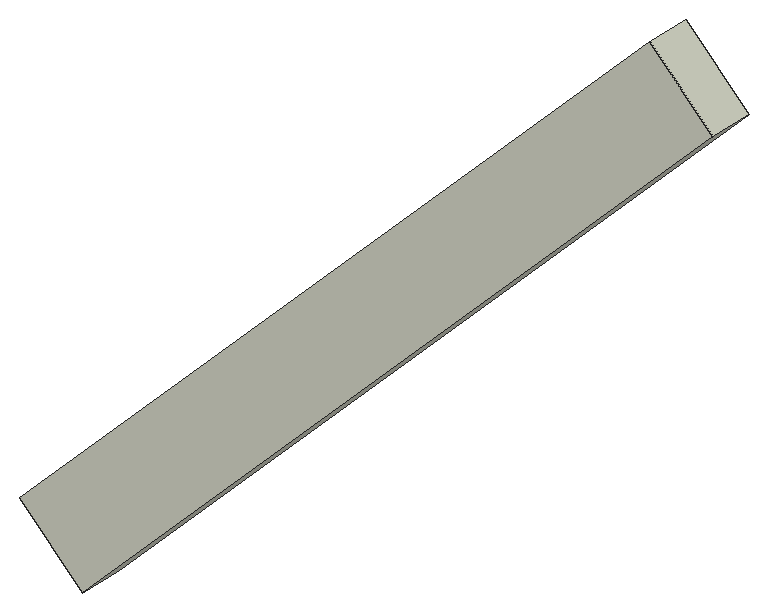
Revit family "グレーチング_溝形鋼", category Generic Models, Revit 2023
Family settings
  Can host rebar = No
  Round Connector Dimension = Use Diameter
  Part Type = Normal
  Work Plane-Based = Yes
  Always vertical = No
  Cut with Voids When Loaded = No
  Maintain Annotation Orientation = No
  Shared = No
  Room Calculation Point = No
Parameters (values of type "C 100 x 50")
  高さ = 100 mm
  長辺 [instance] = 長さ  # 1000 mm
  長さ [instance] = 1000 mm
  部屋名 = ""
  角度 [instance] = 45.00°
  Default Elevation = 1219.2 mm
  構造マテリアル = E614_グレーチング
  幅 = 50 mm
Types (10, lengths in mm): name | 高さ | 幅
  C 100 x 50 | 100 | 50
  C 125 x 65 | 125 | 65
  C 150 x 75 | 150 | 75
  C 180 x 75 | 180 | 75
  C 200 x 80 | 200 | 80
  C 200 x 90 | 200 | 90
  C 250 x 90 | 250 | 90
  C 300 x 90 | 300 | 90
  C 380 x 100 | 380 | 100
  C 75 x 40 | 75 | 40
Reference planes
  plane 1 "中心(正面/背面)": y = 0
  plane 2: z = 0
  plane 3 "中心(左/右)": x = 0
Lines and regions (mm)
  reference lines
    curve 1: line (0, 0, 0) -> (777.817, 0, 777.817)
    curve 2: line (35.355, 0, -35.355) -> (-35.355, 0, 35.355)
    curve 3: line (742.462, 0, 671.751) -> (671.751, 0, 742.462)
Dimensions and locks
  equal spacing: curve 2, curve 1, curve 2
  "高さ": curve 2 to curve 2
  equal spacing: curve 3, curve 1, curve 3
  "高さ": curve 3 to curve 3
  "長さ": curve 3 to curve 2
  "角度": angle level to curve 1
  angle curve 2 to curve 1 = 90.00°
  angle curve 3 to curve 1 = 90.00°
  aligned and locked: level to plane 2
  aligned and locked: level to curve 1
  aligned and locked: plane 3 "中心(左/右)" to curve 1
  aligned and locked: nested 1 to curve 1
Nested families
  nested 1: "溝形鋼" at (-35.355, 0, 35.355) x (0, 1, 0) z (0.7071, 0, -0.7071), 長さ <- "長さ", type "C 100 x 50"
    with 長辺 1000 mm, 長さ 1000 mm, 高さ 100 mm, 幅 50 mm
Definition of nested family "溝形鋼"
  Parameters (values of type "Ｈ 150 x 150")
    高さ = 150 mm
    長辺 [instance] = 長さ  # 500 mm
    長さ [instance] = 500 mm
    部屋名 = ""
    Default Elevation = 1219.2 mm
    構造マテリアル = none
    幅 = 150 mm
  Types (33, lengths in mm): name | 高さ | 長辺 | 長さ | 幅
    Ｈ 900 x 300 | 900 | 1000 | 1000 | 300
    Ｈ 800 x 300 | 800 | 1000 | 1000 | 300
    Ｈ 700 x 300 | 700 | 1000 | 1000 | 300
    Ｈ 588 x 300 | 588 | 1000 | 1000 | 300
    Ｈ 600 x 200 | 600 | 1000 | 1000 | 200
    Ｈ 488 x 300 | 488 | 1000 | 1000 | 300
    Ｈ 500 x 200 | 500 | 1000 | 1000 | 200
    Ｈ 440 x 300 | 440 | 1000 | 1000 | 300
    Ｈ 450 x 200 | 450 | 1000 | 1000 | 200
    Ｈ 400 x 400 | 400 | 1000 | 1000 | 400
    Ｈ 390 x 300 | 390 | 1000 | 1000 | 300
    Ｈ 400 x 200 | 400 | 1000 | 1000 | 200
    Ｈ 350 x 350 | 350 | 1000 | 1000 | 350
    Ｈ 340 x 250 | 340 | 1000 | 1000 | 250
    Ｈ 294 x 200 | 294 | 1000 | 1000 | 200
    Ｈ 244 x 175 | 244 | 1000 | 1000 | 175
    Ｈ 350 x 175 | 350 | 1000 | 1000 | 175
    Ｈ 300 x 300 | 300 | 1000 | 1000 | 300
    Ｈ 300 x 150 | 300 | 500 | 500 | 150
    Ｈ 250 x 250 | 250 | 500 | 500 | 250
    Ｈ 250 x 125 | 250 | 500 | 500 | 125
    Ｈ 200 x 200 | 200 | 500 | 500 | 200
    Ｈ 194 x 150 | 194 | 500 | 500 | 150
    Ｈ 200 x 100 | 200 | 500 | 500 | 100
    Ｈ 175 x 175 | 175 | 500 | 500 | 175
    Ｈ 175 x 90 | 175 | 500 | 500 | 90
    Ｈ 150 x 150 | 150 | 500 | 500 | 150
    Ｈ 148 x 100 | 148 | 500 | 500 | 100
    Ｈ 150 x 75 | 150 | 500 | 500 | 75
    Ｈ 125 x 125 | 125 | 500 | 500 | 125
    Ｈ 125 x 60 | 125 | 500 | 500 | 60
    Ｈ 100 x100 | 100 | 500 | 500 | 100
    Ｈ 100 x 50 | 100 | 500 | 500 | 50
  Reference planes
    plane 1 "中心(正面/背面)": y = 0
    plane 2: z = 0
    plane 3 "中心(左/右)": x = 0
    plane 4: z = 75
    plane 5: z = 150
  Forms (mm)
    Extrusion 1, solid, material <- "構造マテリアル"
      sketch origin (0, 0, 0) x (1, 0, 0) y (0, 1, 0)
        loop
          line (-75, 500) -> (-75, 0) -> (75, 0) -> (75, 500) -> (-75, 500)
      from 0 to 150
  Lines and regions (mm)
    reference lines
      curve 1: line (75, 500, 0) -> (-75, 500, 0)
      curve 2: line (75, 0, 0) -> (-75, 0, 0)
  Dimensions and locks
    "長さ": curve 1 to curve 2
    "幅": Extrusion 1 to Extrusion 1
    equal spacing: Extrusion 1, plane 3 "中心(左/右)", Extrusion 1
    "幅": curve 1 to curve 1
    equal spacing: curve 1, plane 3 "中心(左/右)", curve 1
    "幅": curve 2 to curve 2
    equal spacing: curve 2, plane 3 "中心(左/右)", curve 2
    equal spacing: plane 5, plane 4, level
    "高さ": plane 5 to level
    aligned and locked: level to plane 2
    aligned and locked: Extrusion 1 to curve 2
    aligned and locked: curve 1 to Extrusion 1
    aligned and locked: plane 5 to Extrusion 1
  Automatic sketch dimensions
    Extrusion 1 sketch curve to plane 3 "中心(左/右)" = 75 mm
    plane 3 "中心(左/右)" to Extrusion 1 sketch curve = 75 mm
    plane 1 "中心(正面/背面)" to Extrusion 1 sketch curve = 0 mm
    Extrusion 1 sketch curve to plane 1 "中心(正面/背面)" = 500 mm
    plane 1 "中心(正面/背面)" to curve 2 = 0 mm
